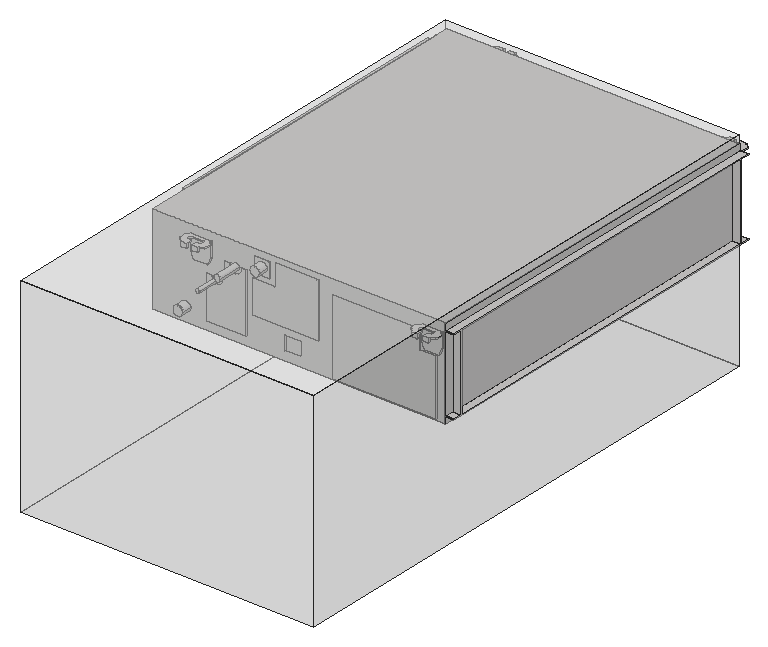
Revit family "outputfile", category 機械設備, Revit 2024
Family settings
  丸型コネクタ寸法 = 半径を使用
  パーツ タイプ = 標準
  OmniClass 番号 = 23.75.10.24.21.27.27
  OmniClass タイトル = Split System Air Conditioning Units
  作業面ベース = いいえ
  常に垂直 = はい
  ロード時にボイドで切り取り = いいえ
  注釈の向きを維持 = いいえ
  共有 = いいえ
  部屋計算ポイント = はい
Parameters (values of type "FBA18BV2S")
  Description = ""
  製造元 = "Daikin"
  書き出し IFC クラス(タイプ) = "IfcUnitaryEquipmentType"
  定義済み IFC タイプ(タイプ) = "AIRCONDITIONINGUNIT"
  Cost = 0
  モデル = "FBA18BV2S"
  Type Comments = ""
  Keynote = ""
  Type Image = (empty or 0)
  Assembly Code = ""
  switch_frequency = yes
  r_Liquid Pipe Size = Liquid Pipe Size / 2  # 4.75 mm
  r_Gas Pipe Size = Gas Pipe Size / 2  # 7.95 mm
  r_Drain Pipe Size = Drain Pipe Size / 2  # 12.5 mm
  lw_power = 770.0 mm  # constant formula
  lh_SA = 138.0 mm  # constant formula
  lw_SA = if(Depth = 550.0 mm, 225.0 mm, if(Depth = 700.0 mm, 300.0 mm, if(Depth = 1000.0 mm, 450.0 mm, if(Depth = 1400.0 mm, 650.0 mm, 725.0 mm))))  # 450.0 mm
  lw_RA = if(Depth = 550.0 mm, 275.0 mm, if(Depth = 700.0 mm, 349.0 mm, if(Depth = 1000.0 mm, 499.0 mm, if(Depth = 1400.0 mm, 699.0 mm, 775.0 mm))))  # 499.0 mm
  lh_power = 60.0 mm + [h***]  # 60.0 mm
  lh_mountinghole1 = lh_mountinghole + [h***]  # 222.0 mm
  lh_RA = 123.0 mm  # constant formula
  ld_power = Depth / 2  # 500.0 mm
  connector_voltage = Voltage_50Hz  # 220 V
  connector_powerinput = [Power Input (Cooling)]  # 1.250 kW
  connector_phase = Phase_50Hz  # 1
  Voltage_comment_50Hz = "220 - 240"
  Voltage_50Hz = 220 V
  URL = ""
  Supply Air Direction [instance] = yes
  Sound Power Level_H speed (dB) = 0
  Phase_50Hz = 1
  Minimum External Static Pressure = 50.00 Pa
  Minimum Circuit Amps_50Hz = 1.5 A
  Maximum Fuse Amps_50Hz = 16.0 A
  Maximum External Static Pressure = 150.00 Pa
  Material_Casing = DAIKIN_GalvanizedSteel_Casing_indoorunit
  lw_mountinghole = 630.0 mm  # constant formula
  lh_gaspipe = 183.0 mm + [h***]  # 183.0 mm
  lh_mountinghole = 222.0 mm  # constant formula
  lh_liquidpipe = 136.0 mm + [h***]  # 136.0 mm
  lh_drainpipe = 207.0 mm + [h***]  # 207.0 mm
  lh_antena = Height - lh_mountinghole + 1.0 mm  # 24.0 mm
  ld_drainpipe = Depth / 2 + 26.0 mm  # 526.0 mm
  ld_liquidpipe = Depth / 2 + 69.0 mm  # 569.0 mm
  ld_gaspipe = Depth / 2 + 65.0 mm  # 565.0 mm
  ld_mountinghole = Depth + 38.0 mm  # 1038.0 mm
  h*** = 0.0 mm  # constant formula
  lw_liquidpipe = 179.0 mm  # constant formula
  lw_gaspipe = 229.0 mm  # constant formula
  lw_drainpipe = 300.0 mm  # constant formula
  Width = 800.0 mm
  Version = "ver.1.0"
  Unit Type = "M.S.P. Duct"
  Unit Mass Weight = 37.00 kg
  Unit Designation [instance] = ""
  Uniclass2015Version = "Products v1.30"
  Uniclass2015Title = "Split coil room air conditioning units"
  Uniclass2015Code = "Pr_70_65_03_86"
  Total Cooling Capacity [instance] = 0.000 kW
  Sound Pressure Level_M speed (dBA) = 33
  Sound Pressure Level_L speed (dBA) = 31
  Sound Pressure Level_H speed (dBA) = 35
  Series = "SkyAir_Fan Coil Unit"
  Sensible Cooling Capacity [instance] = 0.000 kW
  SA Duct Size Width = 792.0 mm
  SA Duct Size Height = 176.0 mm
  Refrigerant Type = "R32"
  RA Duct Size Width = 952.0 mm
  RA Duct Size Height = 208.0 mm
  Power Input (Cooling) = 1.250 kW
  Option Accessory 3 [instance] = ""
  Option Accessory 2 [instance] = ""
  Option Accessory 1 [instance] = ""
  Nominal Cooling Capacity = 5.300 kW
  Minimum Airflow = 750.00 m³/h
  Median Airflow = 900.00 m³/h
  Maximum Airflow = 1080.00 m³/h
  Load Classification = HVAC
  Liquid Pipe Size = 9.5 mm
  Link_Nested Family [instance] = ""
  IfcVersion = ""
  IfcExportType = "AIRCONDITIONINGUNIT"
  IfcExportAs = "IfcUnitaryEquipmentType"
  Height = 245.0 mm
  Heat Exchanger Type = "Cross Fin Coil"
  Gas Pipe Size = 15.9 mm
  Frequency_50Hz = 50 Hz
  Fan Type = "Sirocco Fan"
  Fan Drive = "Direct Drive"
  FCU Tag No. [instance] = ""
  Drain Pipe Size = 25.0 mm
  Design Supply Airflow [instance] = 0.00 m³/h
  Design Return Airflow [instance] = 0.00 m³/h
  Design External Static Pressure [instance] = 0.00 Pa
  Depth = 1000.0 mm
  既定の高さ = 0.0 mm
  Cooling Entering Wet Bulb Temperature [instance] = 0.00 °C
  Cooling Entering Dry Bulb Temperature [instance] = 0.00 °C
  Cooling Ambient Wet Bulb Temperature [instance] = 0.00 °C
  Cooling Ambient Dry Bulb Temperature [instance] = 0.00 °C
  Clearance visibility [instance] = yes
  Clearance Top = 20.0 mm
  Clearance Right = 0.0 mm
  Clearance Rear = 0.0 mm
  Clearance Left = 0.0 mm
  Clearance Front = 450.0 mm
  Clearance Bottom = 300.0 mm
Reference planes
  plane 1 "Center (Front/Back)": y = 0
  plane 2 "h": z = 0
  plane 3 "Center (Left/Right)": x = 0
  plane 4 "Back": y = 500
  plane 5 "Front": y = -500
  plane 6 "Left": x = -400
  plane 7 "Right": x = 400
  plane 8 "Top": z = 0
  plane 9 "Bottom": z = -245
  plane 10: y = -215
  plane 11: y = 500
  plane 12: y = -950
  plane 13: x = -400
  plane 14: x = 400
  plane 15: z = 20
  plane 16: z = -545
  plane 17: x = -400
  plane 18: x = -399
  plane 19: x = 399
  plane 20: y = 50
  plane 21: y = -1
  plane 22: z = -122
  plane 23: y = -501
  plane 24: z = -109
  plane 25: x = -221
  plane 26: y = -565
  plane 27: z = -62
  plane 28: x = -171
  plane 29: y = -526
  plane 30: z = -38
  plane 31: x = -100
  plane 32: x = -100
  plane 33: x = -221
  plane 34: x = -171
  plane 35: x = 370
  plane 36: x = -266
  plane 37: x = 364
  plane 38: y = -519
  plane 39: y = 519
  plane 40: z = -23
  plane 41: z = -107
  plane 42: y = -569
  plane 43: z = -207
  plane 44: x = -309
  plane 45: y = -376
  plane 46: x = -251
  plane 47: x = -203
  plane 48: x = -144
  plane 49: z = -59
  plane 50: z = -106
  plane 51: z = -221
  plane 52: z = -109
  plane 53: x = -221
  plane 54: z = -62
  plane 55: x = -171
  plane 56: z = -17
  plane 57: z = -59
  plane 58: x = -121
  plane 59: x = -79
  plane 60: x = -125
  plane 61: x = -64
  plane 62: x = 53
  plane 63: z = -164
  plane 64: z = -73
  plane 65: z = -16
  plane 66: x = 93.5
  plane 67: x = 374.5
  plane 68: x = 330
  plane 69: z = -88.5
  plane 70: z = -38
  plane 71: z = -242.5
  plane 72: x = -38.5
  plane 73: x = 6.5
  plane 74: z = -181
  plane 75: z = -221
  plane 76: y = -499
  plane 77: x = -424
  plane 78: x = 424
Forms (mm)
  Extrusion 1, solid, material "DAIKIN_GalvanizedSteel_Casing_indoorunit" <- "Material_Casing"
    sketch origin (0, 0, 0) x (1, 0, 0) y (0, 1, 0)
      loop
        line (-399, 500) -> (-399, -500) -> (399, -500) -> (399, 500) -> (-399, 500)
    from -245 to 0
  Extrusion 2, solid, material "DAIKIN_GalvanizedSteel_Casing_indoorunit" <- "Material_Casing"
    sketch origin (0, 0, 0) x (1, 0, 0) y (0, 0, 1)
      loop
        line (-251, -221) -> (-144, -221) -> (-144, -59) -> (-154.47, -59)
        arc (-154.47, -59) -> (-171, -78.8) -> (-187.53, -59) r 16.8
        line (-187.53, -59) -> (-203, -59) -> (-203, -106) -> (-206.916, -106)
        arc (-206.916, -106) -> (-221, -123.4) -> (-235.084, -106) r 14.4
        line (-235.084, -106) -> (-251, -106) -> (-251, -221)
    from 500 to 501
  Extrusion 3, solid, material "DAIKIN_GalvanizedSteel_Casing_indoorunit" <- "Material_Casing"
    sketch origin (0, 0, 0) x (1, 0, 0) y (0, 0, 1)
      loop
        line (-121, -17) -> (-121, -59) -> (-79, -59) -> (-79, -17) -> (-121, -17)
      loop
        line (-125, -73) -> (-125, -164) -> (53, -164) -> (53, -16) -> (-64, -16) -> (-64, -73) -> (-125, -73)
    from 500 to 501
  Extrusion 4, solid, material "DAIKIN_GalvanizedSteel_Casing_indoorunit" <- "Material_Casing"
    sketch origin (0, 0, 0) x (1, 0, 0) y (0, 0, 1)
      loop
        line (93.5, -38) -> (93.5, -242.5) -> (374.5, -242.5) -> (374.5, -88.5) -> (330, -88.5) -> (330, -38) -> (93.5, -38)
    from 500 to 501
  Extrusion 5, solid, material "DAIKIN_GalvanizedSteel_Casing_indoorunit" <- "Material_Casing"
    sketch origin (0, 0, 0) x (1, 0, 0) y (0, 0, 1)
      loop
        circle (-221, -109) r 4.75
    from 500 to 569
  Extrusion 6, solid, material "DAIKIN_GalvanizedSteel_Casing_indoorunit" <- "Material_Casing"
    sketch origin (0, 0, 0) x (1, 0, 0) y (0, 0, 1)
      loop
        circle (-171, -62) r 7.95
    from 500 to 565
  Extrusion 7, solid, material "DAIKIN_GalvanizedSteel_Casing_indoorunit" <- "Material_Casing"
    sketch origin (0, 0, 0) x (1, 0, 0) y (0, 0, 1)
      loop
        circle (-100, -38) r 12.5
    from 501 to 526
  Extrusion 8, solid, material "DAIKIN_GalvanizedSteel_Casing_indoorunit" <- "Material_Casing"
    sketch origin (0, 0, 0) x (1, 0, 0) y (0, 0, 1)
      loop
        circle (-309, -207) r 13
    from 500 to 526
  Extrusion 9, void
    sketch origin (0, 0, 0) x (1, 0, 0) y (0, 0, 1)
      loop
        line (-38.5, -181) -> (-38.5, -221) -> (6.5, -221) -> (6.5, -181) -> (-38.5, -181)
    from 499 to 500
Cuts and joins
  Extrusion 9 cuts Extrusion 1
Dimensions and locks
  "Height": plane 8 "Top" to plane 9 "Bottom"
  equal spacing: plane 4 "Back", plane 1 "Center (Front/Back)", plane 5 "Front"
  "Depth": plane 4 "Back" to plane 5 "Front"
  equal spacing: plane 6 "Left", plane 3 "Center (Left/Right)", plane 7 "Right"
  "Width": plane 6 "Left" to plane 7 "Right"
  "Clearance Left": plane 13 to plane 6 "Left"
  "Clearance Right": plane 7 "Right" to plane 14
  "Clearance Rear": plane 11 to plane 4 "Back"
  "Clearance Front": plane 5 "Front" to plane 12
  "Clearance Top": plane 15 to plane 8 "Top"
  "Clearance Bottom": plane 9 "Bottom" to plane 16
  locked: plane 17 to plane 18 at 1
  locked: plane 19 to plane 14 at 1
  "lw_SA": plane 11 to plane 20
  "lw_RA": plane 21 to plane 5 "Front"
  "lh_RA": plane 22 to plane 9 "Bottom"
  locked: plane 5 "Front" to plane 23 at 1
  "lw_liquidpipe": plane 25 to plane 6 "Left"
  "lh_liquidpipe": plane 24 to plane 9 "Bottom"
  "lh_gaspipe": plane 27 to plane 9 "Bottom"
  "lw_gaspipe": plane 28 to plane 6 "Left"
  "ld_gaspipe": plane 26 to plane 1 "Center (Front/Back)"
  "ld_drainpipe": plane 29 to plane 1 "Center (Front/Back)"
  "lh_drainpipe": plane 30 to plane 9 "Bottom"
  "lw_drainpipe": plane 31 to plane 6 "Left"
  "lw_drainpipe": plane 6 "Left" to plane 32
  "lw_liquidpipe": plane 6 "Left" to plane 33
  "lw_gaspipe": plane 6 "Left" to plane 34
  "lw_power": plane 6 "Left" to plane 35
  locked: plane 17 to plane 36 at 134
  "lw_mountinghole": plane 36 to plane 37
  equal spacing: plane 38, plane 1 "Center (Front/Back)", plane 39
  "ld_mountinghole": plane 39 to plane 38
  "lh_mountinghole": plane 40 to plane 9 "Bottom"
  "lh_SA": plane 41 to plane 9 "Bottom"
  locked: plane 44 to plane 6 "Left" at 91
  locked: plane 43 to plane 9 "Bottom" at 38
  plane 48 to plane 47 to plane 46 to plane 6 "Left" = 59.0 mm, 48.0 mm, 149.0 mm
  plane 8 "Top" to plane 49 to plane 50 to plane 51 = 59.0 mm locked, 47.0 mm locked, 115.0 mm locked
  plane 55 to plane 53 to plane 6 "Left" = 50.0 mm locked, 179.0 mm locked
  plane 54 to plane 52 to plane 9 "Bottom" = 47.0 mm locked, 136.0 mm locked
  plane 59 to plane 58 to plane 6 "Left" = 42.0 mm locked, 279.0 mm locked
  plane 8 "Top" to plane 56 to plane 57 = 17.0 mm locked, 42.0 mm locked
  plane 62 to plane 61 to plane 60 to plane 6 "Left" = 117.0 mm, 61.0 mm, 275.0 mm
  plane 8 "Top" to plane 65 to plane 64 = 16.0 mm locked, 57.0 mm locked
  locked: plane 65 to plane 63 at 148
  plane 8 "Top" to plane 70 to plane 69 to plane 71 = 38.0 mm locked, 50.5 mm locked, 154.0 mm locked
  plane 67 to plane 68 to plane 66 to plane 6 "Left" = 44.5 mm locked, 236.5 mm locked, 493.5 mm locked
  plane 8 "Top" to plane 74 to plane 75 = 181.0 mm locked, 40.0 mm locked
  plane 73 to plane 72 to plane 6 "Left" = 45.0 mm, 361.5 mm
  locked: plane 76 to plane 5 "Front" at 1
  locked: plane 77 to plane 17 at 24
  locked: plane 14 to plane 78 at 24
  "ld_liquidpipe": plane 42 to plane 1 "Center (Front/Back)"
  "r_Liquid Pipe Size": radius of Extrusion 5 sketch curve
  "r_Gas Pipe Size": radius of Extrusion 6 sketch curve
  "r_Drain Pipe Size": radius of Extrusion 7 sketch curve
  aligned and locked: level to plane 2 "h"
  aligned and locked: plane 8 "Top" to Extrusion 1
  aligned and locked: Extrusion 1 to plane 9 "Bottom"
  aligned and locked: nested 5 to plane 12
  aligned and locked: plane 13 to nested 5
  aligned and locked: plane 14 to nested 5
  aligned and locked: nested 5 to plane 13
  aligned and locked: plane 11 to nested 5
  aligned and locked: plane 15 to nested 5
  aligned and locked: plane 16 to nested 5
  aligned and locked: plane 5 "Front" to Extrusion 1 sketch curve
  aligned and locked: Extrusion 1 to plane 18
  aligned and locked: plane 19 to Extrusion 1
  aligned and locked: nested 7 to plane 18
  aligned and locked: nested 7 to plane 20
  aligned and locked: plane 19 to nested 8
  aligned and locked: plane 21 to nested 8
  aligned and locked: plane 22 to nested 8
  aligned and locked: Extrusion 2 to plane 23
  aligned and locked: plane 5 "Front" to Extrusion 2
  aligned and locked: Extrusion 3 to plane 23
  aligned and locked: plane 5 "Front" to Extrusion 3
  aligned and locked: plane 5 "Front" to Extrusion 4
  aligned and locked: Extrusion 5 sketch curve to plane 25
  aligned and locked: plane 24 to Extrusion 5 sketch curve
  aligned and locked: plane 5 "Front" to Extrusion 5
  aligned and locked: Extrusion 6 sketch curve to plane 28
  aligned and locked: plane 27 to Extrusion 6 sketch curve
  aligned and locked: plane 5 "Front" to Extrusion 6
  aligned and locked: Extrusion 7 sketch curve to plane 31
  aligned and locked: Extrusion 7 sketch curve to plane 30
  aligned and locked: Extrusion 7 to plane 29
  aligned and locked: plane 23 to Extrusion 7
  aligned and locked: nested 3 to plane 29
  aligned and locked: plane 32 to nested 3
  aligned and locked: nested 2 to plane 33
  aligned and locked: nested 1 to plane 34
  aligned and locked: Extrusion 6 to plane 26
  aligned and locked: nested 1 to plane 26
  aligned and locked: nested 6 to plane 5 "Front"
  aligned and locked: nested 6 to plane 35
  aligned and locked: plane 36 to nested 10
  aligned and locked: nested 10 to plane 5 "Front"
  aligned and locked: plane 37 to nested 9
  aligned and locked: nested 9 to plane 5 "Front"
  aligned and locked: nested 11 to plane 36
  aligned and locked: plane 4 "Back" to nested 11
  aligned and locked: nested 12 to plane 37
  aligned and locked: plane 4 "Back" to nested 12
  aligned and locked: plane 40 to nested 10
  aligned and locked: plane 40 to nested 11
  aligned and locked: plane 40 to nested 9
  aligned and locked: plane 40 to nested 12
  aligned and locked: plane 36 to nested 14
  aligned and locked: nested 14 to plane 39
  aligned and locked: plane 37 to nested 13
  aligned and locked: nested 13 to plane 39
  aligned and locked: plane 37 to nested 16
  aligned and locked: plane 38 to nested 16
  aligned and locked: plane 38 to nested 15
  aligned and locked: plane 36 to nested 15
  aligned and locked: plane 17 to plane 6 "Left"
  aligned and locked: plane 41 to nested 7
  aligned and locked: Extrusion 5 to plane 42
  aligned and locked: nested 2 to plane 42
  aligned and locked: Extrusion 8 sketch curve to plane 44
  aligned and locked: plane 43 to Extrusion 8 sketch curve
  aligned and locked: plane 5 "Front" to Extrusion 8
  aligned and locked: Extrusion 3 sketch curve to plane 56
  aligned and locked: Extrusion 3 sketch curve to plane 58
  aligned and locked: plane 57 to Extrusion 3 sketch curve
  aligned and locked: plane 59 to Extrusion 3 sketch curve
  aligned and locked: Extrusion 4 to plane 23
  aligned and locked: Extrusion 9 sketch curve to plane 74
  aligned and locked: plane 75 to Extrusion 9 sketch curve
  aligned and locked: plane 73 to Extrusion 9 sketch curve
  aligned and locked: plane 5 "Front" to Extrusion 9
  aligned and locked: plane 76 to Extrusion 9
  aligned and locked: nested 17 to plane 20
  aligned and locked: nested 17 to plane 77
  aligned and locked: plane 21 to nested 18
  aligned and locked: plane 78 to nested 18
  aligned and locked: plane 41 to nested 17
  aligned and locked: nested 18 to plane 22
  aligned and locked: nested 4 to plane 3 "Center (Left/Right)"
  aligned and locked: plane 1 "Center (Front/Back)" to nested 4
  aligned and locked: level to plane 8 "Top"
Automatic sketch dimensions
  plane 6 "Left" to Extrusion 1 sketch curve = 1.0 mm
  Extrusion 1 sketch curve to plane 7 "Right" = 1.0 mm
  Extrusion 1 sketch curve to plane 4 "Back" = 0.0 mm
  Extrusion 2 sketch curve to plane 46 = 0.0 mm
  Extrusion 2 sketch curve to plane 33 = 0.0 mm
  Extrusion 2 sketch curve to plane 47 = 0.0 mm
  Extrusion 2 sketch curve to plane 34 = 0.0 mm
  Extrusion 2 sketch curve to plane 48 = 0.0 mm
  Extrusion 2 sketch curve to plane 51 = 0.0 mm
  Extrusion 2 sketch curve to plane 52 = 0.0 mm
  Extrusion 2 sketch curve to plane 50 = 0.0 mm  (x3)
  Extrusion 2 sketch curve to plane 54 = 0.0 mm
  Extrusion 2 sketch curve to plane 49 = 0.0 mm  (x3)
  plane 33 to Extrusion 2 sketch curve = 14.084 mm
  plane 34 to Extrusion 2 sketch curve = 16.53 mm
  Extrusion 3 sketch curve to plane 60 = 0.0 mm
  Extrusion 3 sketch curve to plane 61 = 0.0 mm
  Extrusion 3 sketch curve to plane 62 = 0.0 mm
  Extrusion 3 sketch curve to plane 63 = 0.0 mm
  Extrusion 3 sketch curve to plane 64 = 0.0 mm
  Extrusion 3 sketch curve to plane 65 = 0.0 mm
  Extrusion 4 sketch curve to plane 66 = 0.0 mm
  Extrusion 4 sketch curve to plane 68 = 0.0 mm
  Extrusion 4 sketch curve to plane 67 = 0.0 mm
  Extrusion 4 sketch curve to plane 71 = 0.0 mm
  Extrusion 4 sketch curve to plane 69 = 0.0 mm
  Extrusion 4 sketch curve to plane 70 = 0.0 mm
  Extrusion 9 sketch curve to plane 72 = 0.0 mm
  radius of Extrusion 8 sketch curve = 13.0 mm
Nested families
  nested 1: "daikin_connector_rotate2" at (-171, 0, -62), length <- "ld_gaspipe", built-in parameter 1001364 <- "lh_gaspipe", radius <- "r_Gas Pipe Size", type "daikin_connector_rotate2"
    with radius 7.95 mm, length 565.0 mm, angle_vertical 90.00°
  nested 2: "daikin_connector_rotate2" at (-221, 0, -109), length <- "ld_liquidpipe", built-in parameter 1001364 <- "lh_liquidpipe", radius <- "r_Liquid Pipe Size", type "daikin_connector_rotate2"
    with radius 4.75 mm, length 569.0 mm, angle_vertical 90.00°
  nested 3: "daikin_connector_rotate2" at (-100, 0, -38), length <- "ld_drainpipe", built-in parameter 1001364 <- "lh_drainpipe", radius <- "r_Drain Pipe Size", type "daikin_connector_rotate2"
    with radius 12.5 mm, length 526.0 mm, angle_vertical 90.00°
  nested 4: "daikin_△_symbolicline" at (0, 0, 245) x (0, -1, 0) z (0, 0, 1), built-in parameter 1001364 <- "Height", visible <- "Supply Air Direction", type "daikin_△_symbolicline"
    with length 200.0 mm
  nested 5: "daikin_clearancespace" at (0, -225, -262.381), visible <- "Clearance visibility", show <- "Clearance visibility", Link_Nested Family <- "Link_Nested Family", type "daikin_clearancespace"
    with width 800.0 mm, show yes, height 565.0 mm, depth 1450.0 mm, Link_Nested Family ""
  nested 6: "daikin_connector_rotate2" at (370, 0, -185), built-in parameter 1001364 <- "lh_power", length <- "ld_power", type "daikin_connector_rotate2"
    with radius 10.0 mm, length 500.0 mm, angle_vertical 90.00°
  nested 7: "daikin_ductflange_FBA-BV2S2" at (-399, 50, -107) x (0, -1, 0) z (0, 0, 1), type "daikin_ductflange_FBA-BV2S2"
    with width 792.0 mm, w 1000.0 mm
  nested 8: "daikin_ductflange_FBA-BV2S" at (399, -1, -122) x (0, 1, 0) z (0, 0, 1), type "daikin_ductflange_FBA-BV2S"
    with width 952.0 mm, lw 25.0 mm, w 1000.0 mm
  nested 9: "daikin_hangerfixture_FBA-BV2S" at (364, -500, -23), type "daikin_hangerfixture_FBA-BV2S"
  nested 10: "daikin_hangerfixture_FBA-BV2S" at (-266, -500, -23), type "daikin_hangerfixture_FBA-BV2S"
  nested 11: "daikin_hangerfixture_FBA-BV2S" at (-266, 500, -23) x (-1, 0, 0) z (0, 0, 1), type "daikin_hangerfixture_FBA-BV2S"
  nested 12: "daikin_hangerfixture_FBA-BV2S" at (364, 500, -23) x (-1, 0, 0) z (0, 0, 1), type "daikin_hangerfixture_FBA-BV2S"
  nested 13: "daikin_mountinghole" at (364, 519, -245), h_mountinghole <- "lh_mountinghole1", l_antenna <- "lh_antena", Link_Nested Family <- "Link_Nested Family", type "daikin_mountinghole"
    with show yes, l_antenna 24.0 mm, h_mountinghole 222.0 mm, Link_Nested Family ""
  nested 14: "daikin_mountinghole" at (-266, 519, -245), h_mountinghole <- "lh_mountinghole1", l_antenna <- "lh_antena", Link_Nested Family <- "Link_Nested Family", type "daikin_mountinghole"
    with show yes, l_antenna 24.0 mm, h_mountinghole 222.0 mm, Link_Nested Family ""
  nested 15: "daikin_mountinghole" at (-266, -519, -245), h_mountinghole <- "lh_mountinghole1", l_antenna <- "lh_antena", Link_Nested Family <- "Link_Nested Family", type "daikin_mountinghole"
    with show yes, l_antenna 24.0 mm, h_mountinghole 222.0 mm, Link_Nested Family ""
  nested 16: "daikin_mountinghole" at (364, -519, -245), h_mountinghole <- "lh_mountinghole1", l_antenna <- "lh_antena", Link_Nested Family <- "Link_Nested Family", type "daikin_mountinghole"
    with show yes, l_antenna 24.0 mm, h_mountinghole 222.0 mm, Link_Nested Family ""
  nested 17: "daikin_connector_rotate2" at (-400, 50, -107) x (0, -1, 0) z (0, 0, 1), type "daikin_connector_rotate2"
    with radius 10.0 mm, length 24.0 mm, angle_vertical 90.00°
  nested 18: "daikin_connector_rotate2" at (400, -1, -122) x (0, 1, 0) z (0, 0, 1), type "daikin_connector_rotate2"
    with radius 10.0 mm, length 24.0 mm, angle_vertical 90.00°
Connectors
  piping at (-100, -526, -38), diameter 25, driven by "r_Drain Pipe Size"
    settings: on nested 3, index 3, connector inside diameter 609.6 mm, connector length 0.0 mm, flow factor 0, pipe flow 0.00 m³/h, pressure drop 0.0 Pa, fitting loss kfactor 0, connector angle 0.00°, fixture units 0, engagement length 0.0 mm, angle of deflection 0.00°, flow configuration 1, flow direction 2, fitting loss method 4, system type 16, joint type 0, gender type 0, connector reference index -1, connector utility 0, adjustable connector no, is connector primary yes, connector description "Condensate Drain Piping"
  piping at (-171, -565, -62), diameter 15.9, driven by "r_Gas Pipe Size"
    settings: on nested 1, index 4, connector inside diameter 609.6 mm, connector length 0.0 mm, flow factor 0, pipe flow 0.00 m³/h, pressure drop 0.0 Pa, fitting loss kfactor 0, connector angle 0.00°, fixture units 0, engagement length 0.0 mm, angle of deflection 0.00°, flow configuration 1, flow direction 2, fitting loss method 0, system type 29, joint type 0, gender type 0, connector reference index -1, connector utility 0, adjustable connector no, is connector primary no, connector description "Refrigerant Gas Piping"
  piping at (-221, -569, -109), diameter 9.5, driven by "r_Liquid Pipe Size"
    settings: on nested 2, index 5, connector inside diameter 609.6 mm, connector length 0.0 mm, flow factor 0, pipe flow 0.00 m³/h, pressure drop 0.0 Pa, fitting loss kfactor 0, connector angle 0.00°, fixture units 0, engagement length 0.0 mm, angle of deflection 0.00°, flow configuration 1, flow direction 1, fitting loss method 0, system type 29, joint type 0, gender type 0, connector reference index -1, connector utility 0, adjustable connector no, is connector primary no, connector description "Refrigerant Liquid Piping"
  electrical at (370, -500, -185), driven by "Load Classification", driven by "connector_voltage", driven by "connector_phase", driven by "connector_powerinput"
    settings: on nested 6, index 6, voltage 220 V, apparent load 1250 VA, apparent load phase1 0 VA, apparent load phase2 0 VA, apparent load phase3 0 VA, power factor 1, load classification "HVAC", number of poles 1, system type 30, power factor state 1, is connector primary yes, connector utility no, sub classification motor no, connector description "Power Supply"
  hvac at (-424, 50, -107), driven by "SA Duct Size Height", driven by "SA Duct Size Width"
    settings: on nested 17, index 7, duct flow 0.00 m³/h, flow factor 0, pres drop 0.00 Pa, loss coef 0, conn angle 0.00°, conn width 792.0 mm, conn height 176.0 mm, conn diameter 609.6 mm, duct sys type 1, conn prof type 1, flow config 0, flow direction 2, loss method 4, conn ref index -1, conn util no, is conn primary yes, conn desc "SA Duct"
  hvac at (424, -1, -122), driven by "RA Duct Size Height", driven by "RA Duct Size Width"
    settings: on nested 18, index 8, duct flow 0.00 m³/h, flow factor 0, pres drop 0.00 Pa, loss coef 0, conn angle 0.00°, conn width 952.0 mm, conn height 208.0 mm, conn diameter 609.6 mm, duct sys type 2, conn prof type 1, flow config 0, flow direction 1, loss method 4, conn ref index -1, conn util no, is conn primary no, conn desc "RA Duct"
Definition of nested family "daikin_clearancespace"
  Parameters (values of type "daikin_clearancespace")
    Description = "daikin_clearancespace"
    width [instance] = 1823.963 mm
    show [instance] = yes
    material = none
    height [instance] = 1359.762 mm
    depth [instance] = 880.0 mm
    Default Elevation = 0.0 mm
    Link_Nested Family [instance] = ""
  Reference planes
    plane 1 "Center (Front/Back)": y = 0
    plane 2 "Center (Elevation)": z = -0.119
    plane 3 "Center (Left/Right)": x = 0
    plane 4: y = 440
    plane 5: y = -440
    plane 6 "Right": x = 911.982
    plane 7 "Left": x = -911.982
    plane 8 "Top": z = 679.762
    plane 9 "Bottom": z = -680
  Forms (mm)
    Extrusion 1, solid, material <- "material", visible <- "show"
      sketch origin (0, 0, 0) x (1, 0, 0) y (0, 1, 0)
        loop
          line (-911.982, 440) -> (-911.982, -440) -> (911.982, -440) -> (911.982, 440) -> (-911.982, 440)
      from -680 to 679.762
  Lines and regions (mm)
    symbolic lines, visible <- "show"
      curve 1: line (911.982, 440, 0) -> (-911.982, 440, 0)
      curve 2: line (-911.982, 440, 0) -> (-911.982, -440, 0)
      curve 3: line (-911.982, -440, 0) -> (911.982, -440, 0)
      curve 4: line (911.982, -440, 0) -> (911.982, 440, 0)
      curve 5: line (911.982, 0, 679.762) -> (-911.982, 0, 679.762)
      curve 6: line (911.982, 0, -680) -> (911.982, 0, 679.762)
      curve 7: line (-911.982, 0, -680) -> (911.982, 0, -680)
      curve 8: line (-911.982, 0, 679.762) -> (-911.982, 0, -680)
      curve 9: line (0, 440, 679.762) -> (0, -440, 679.762)
      curve 10: line (0, -440, 679.762) -> (0, -440, -680)
      curve 11: line (0, 440, -680) -> (0, 440, 679.762)
      curve 12: line (0, -440, -680) -> (0, 440, -680)
  Dimensions and locks
    "width": plane 7 "Left" to plane 6 "Right"
    "depth": plane 4 to plane 5
    "height": plane 8 "Top" to plane 9 "Bottom"
    equal spacing: plane 7 "Left", plane 3 "Center (Left/Right)", plane 6 "Right"
    equal spacing: plane 4, plane 1 "Center (Front/Back)", plane 5
    equal spacing: plane 8 "Top", plane 2 "Center (Elevation)", plane 9 "Bottom"
    aligned and locked: level to plane 2 "Center (Elevation)"
    aligned and locked: Extrusion 1 sketch curve to plane 4
    aligned and locked: plane 7 "Left" to Extrusion 1 sketch curve
    aligned and locked: Extrusion 1 sketch curve to plane 5
    aligned and locked: Extrusion 1 sketch curve to plane 6 "Right"
    aligned and locked: plane 8 "Top" to Extrusion 1
    aligned and locked: curve 1 to Extrusion 1
    aligned and locked: curve 2 to Extrusion 1
    aligned and locked: curve 3 to Extrusion 1
    aligned and locked: curve 4 to Extrusion 1
    aligned and locked: curve 5 to Extrusion 1
    aligned and locked: curve 6 to Extrusion 1
    aligned and locked: curve 7 to Extrusion 1
    aligned and locked: curve 8 to Extrusion 1
    aligned and locked: curve 9 to Extrusion 1
    aligned and locked: curve 10 to Extrusion 1
    aligned and locked: curve 11 to Extrusion 1
    aligned and locked: curve 12 to Extrusion 1
    aligned and locked: Extrusion 1 to plane 9 "Bottom"
Definition of nested family "daikin_ductflange_FBA-BV2S2"
  Parameters (values of type "daikin_ductflange_FBFC-DVMG2")
    width = if(w = 550.0 mm, 337.0 mm, if(w = 700.0 mm, 492.0 mm, if(w = 1000.0 mm, 792.0 mm, if(w = 1400.0 mm, 1192.0 mm, 1337.0 mm))))  # 1192.0 mm
    material = none
    height = 215.0 mm
    depth = 1.0 mm
    w = 1400.0 mm
    Default Elevation = 0.0 mm
  Reference planes
    plane 1 "Center (Front/Back)": y = 0
    plane 2: z = 0
    plane 3 "Center (Left/Right)": x = 0
    plane 4: z = 88
    plane 5: z = -88
    plane 6: y = -25
    plane 7: z = 106
    plane 8: z = 89
    plane 9: y = -1
    plane 10: x = -617.5
    plane 11: x = 617.5
    plane 12: z = -106
    plane 13: z = -89
    plane 14: y = -1
    plane 15: x = 596
    plane 16: x = -596
    plane 17: x = 597
    plane 18: z = 87
    plane 19: z = -87
    plane 20: x = -597
    plane 21: z = 87
    plane 22: z = -87
    plane 23: y = -1
  Forms (mm)
    Extrusion 1, solid, material <- "material"
      sketch origin (0, 0, 0) x (0, 1, 0) y (0, 0, 1)
        loop
          line (-25, 88) -> (0, 88) -> (0, 106) -> (-1, 106) -> (-1, 89) -> (-25, 89) -> (-25, 88)
      from -617.5 to 617.5
    Extrusion 2, solid, material <- "material"
      sketch origin (0, 0, 0) x (0, 1, 0) y (0, 0, 1)
        loop
          line (-25, -88) -> (-25, -89) -> (-1, -89) -> (-1, -106) -> (0, -106) -> (0, -88) -> (-25, -88)
      from -617.5 to 617.5
    Extrusion 3, solid, material <- "material"
      sketch origin (0, 0, 0) x (1, 0, 0) y (0, 0, 1)
        loop
          line (596, 88) -> (596, -88) -> (617.5, -88) -> (617.5, -87) -> (597, -87) -> (597, 87) -> (617.5, 87) -> (617.5, 88) -> (596, 88)
      from 0 to 25
    Extrusion 4, solid, material <- "material"
      sketch origin (0, 0, 0) x (1, 0, 0) y (0, 0, 1)
        loop
          line (-617.5, 88) -> (-617.5, 87) -> (-597, 87) -> (-597, -87) -> (-617.5, -87) -> (-617.5, -88) -> (-596, -88) -> (-596, 88) -> (-617.5, 88)
      from 0 to 25
    Extrusion 5, solid, material <- "material"
      sketch origin (0, 0, 0) x (1, 0, 0) y (0, 0, 1)
        loop
          line (-617.5, 88) -> (-617.5, -88) -> (-596, -88) -> (-596, 88) -> (-617.5, 88)
        loop
          line (617.5, 88) -> (596, 88) -> (596, -88) -> (617.5, -88) -> (617.5, 88)
      from 0 to 1
  Cuts and joins
    joined: Extrusion 1, Extrusion 2, Extrusion 3, Extrusion 4, Extrusion 5
  Dimensions and locks
    plane 4 to level to plane 5 = 88.0 mm, 88.0 mm
    locked: plane 6 to plane 1 "Center (Front/Back)" at 25
    locked: plane 9 to plane 1 "Center (Front/Back)" at 1
    locked: plane 8 to plane 4 at 1
    locked: plane 16 to plane 10 at 21.5
    locked: plane 17 to plane 15 at 1
    locked: plane 4 to plane 18 at 1
    locked: plane 19 to plane 5 at 1
    "width": plane 15 to plane 16
    plane 4 to plane 5 = 176.0 mm
    locked: plane 16 to plane 20 at 1
    locked: plane 4 to plane 21 at 1
    locked: plane 22 to plane 5 at 1
    locked: plane 23 to plane 1 "Center (Front/Back)" at 1
    plane 4 to level to plane 5 = 88.0 mm locked, 88.0 mm locked
    locked: plane 5 to plane 13 at 1
    locked: plane 5 to plane 12 at 18
    locked: plane 7 to plane 4 at 18
    equal spacing: plane 15, plane 3 "Center (Left/Right)", plane 16
    locked: plane 11 to plane 15 at 21.5
    plane 11 to plane 10 = 1235.0 mm
    aligned and locked: level to plane 2
    aligned and locked: Extrusion 1 to plane 10
    aligned and locked: plane 11 to Extrusion 1
    aligned and locked: plane 5 to Extrusion 2
    aligned and locked: Extrusion 2 to plane 1 "Center (Front/Back)"
    aligned and locked: plane 15 to Extrusion 3 sketch curve
    aligned and locked: Extrusion 3 sketch curve to Extrusion 2  (x2)
    aligned and locked: Extrusion 3 sketch curve to plane 11
    aligned and locked: plane 6 to Extrusion 3
    aligned and locked: Extrusion 2 to plane 10
    aligned and locked: plane 11 to Extrusion 2
    aligned and locked: Extrusion 4 sketch curve to Extrusion 1  (x2)
    aligned and locked: plane 5 to Extrusion 4 sketch curve
    aligned and locked: Extrusion 4 sketch curve to plane 16
    aligned and locked: Extrusion 4 sketch curve to plane 22
    aligned and locked: plane 20 to Extrusion 4 sketch curve
    aligned and locked: plane 21 to Extrusion 4 sketch curve
    aligned and locked: Extrusion 4 to plane 1 "Center (Front/Back)"
    aligned and locked: plane 6 to Extrusion 4
    aligned and locked: Extrusion 5 sketch curve to Extrusion 1  (x4)
    aligned and locked: Extrusion 5 sketch curve to Extrusion 4  (x2)
    aligned and locked: Extrusion 5 sketch curve to Extrusion 3  (x2)
    aligned and locked: Extrusion 5 to plane 1 "Center (Front/Back)"
    aligned and locked: plane 23 to Extrusion 5
  Automatic sketch dimensions
    Extrusion 1 sketch curve to plane 6 = 0.0 mm
    Extrusion 1 sketch curve to plane 7 = 0.0 mm
    Extrusion 1 sketch curve to plane 9 = 0.0 mm
    Extrusion 1 sketch curve to plane 1 "Center (Front/Back)" = 0.0 mm
    Extrusion 1 sketch curve to plane 4 = 0.0 mm
    Extrusion 1 sketch curve to plane 8 = 0.0 mm
    Extrusion 2 sketch curve to plane 6 = 0.0 mm
    plane 12 to Extrusion 2 sketch curve = 0.0 mm
    Extrusion 2 sketch curve to plane 14 = 0.0 mm
    Extrusion 2 sketch curve to plane 1 "Center (Front/Back)" = 0.0 mm
    plane 13 to Extrusion 2 sketch curve = 0.0 mm
    Extrusion 2 sketch curve to plane 5 = 0.0 mm
    Extrusion 3 sketch curve to plane 17 = 0.0 mm
    Extrusion 3 sketch curve to plane 19 = 0.0 mm
    Extrusion 3 sketch curve to plane 18 = 0.0 mm
    Extrusion 3 sketch curve to plane 4 = 0.0 mm
    Extrusion 4 sketch curve to plane 10 = 0.0 mm
Definition of nested family "daikin_ductflange_FBA-BV2S"
  Parameters (values of type "daikin_ductflange_FBFC-DVMG")
    width = if(w = 550.0 mm, 502.0 mm, if(w = 700.0 mm, 654.0 mm, if(w = 1000.0 mm, 952.0 mm, if(w = 1400.0 mm, 1352.0 mm, 1502.0 mm))))  # 654.0 mm
    material = none
    lw = if(width = 654.0 mm, 23.0 mm, 25.0 mm)  # 23.0 mm
    height = 208.0 mm
    depth = 1.0 mm
    w = 700.0 mm
    Default Elevation = 0.0 mm
  Reference planes
    plane 1 "Center (Front/Back)": y = 0
    plane 2: z = 0
    plane 3 "Center (Left/Right)": x = 0
    plane 4: z = 104
    plane 5: z = -104
    plane 6: y = -25
    plane 7: z = 121
    plane 8: z = 105
    plane 9: y = -1
    plane 10: x = -350
    plane 11: x = 350
    plane 12: z = -122
    plane 13: z = -105
    plane 14: y = -1
    plane 15: x = 327
    plane 16: x = -327
    plane 17: x = 328
    plane 18: z = 103
    plane 19: z = -103
    plane 20: x = -328
    plane 21: z = 103
    plane 22: z = -103
    plane 23: y = -1
  Forms (mm)
    Extrusion 1, solid, material <- "material"
      sketch origin (0, 0, 0) x (0, 1, 0) y (0, 0, 1)
        loop
          line (-25, 104) -> (0, 104) -> (0, 121) -> (-1, 121) -> (-1, 105) -> (-25, 105) -> (-25, 104)
      from -350 to 350
    Extrusion 2, solid, material <- "material"
      sketch origin (0, 0, 0) x (0, 1, 0) y (0, 0, 1)
        loop
          line (-25, -104) -> (-25, -105) -> (-1, -105) -> (-1, -122) -> (0, -122) -> (0, -104) -> (-25, -104)
      from -350 to 350
    Extrusion 3, solid, material <- "material"
      sketch origin (0, 0, 0) x (1, 0, 0) y (0, 0, 1)
        loop
          line (327, 104) -> (327, -104) -> (350, -104) -> (350, -103) -> (328, -103) -> (328, 103) -> (350, 103) -> (350, 104) -> (327, 104)
      from 0 to 25
    Extrusion 4, solid, material <- "material"
      sketch origin (0, 0, 0) x (1, 0, 0) y (0, 0, 1)
        loop
          line (-350, 104) -> (-350, 103) -> (-328, 103) -> (-328, -103) -> (-350, -103) -> (-350, -104) -> (-327, -104) -> (-327, 104) -> (-350, 104)
      from 0 to 25
    Extrusion 5, solid, material <- "material"
      sketch origin (0, 0, 0) x (1, 0, 0) y (0, 0, 1)
        loop
          line (-350, 104) -> (-350, -104) -> (-327, -104) -> (-327, 104) -> (-350, 104)
        loop
          line (350, 104) -> (327, 104) -> (327, -104) -> (350, -104) -> (350, 104)
      from 0 to 1
  Cuts and joins
    joined: Extrusion 1, Extrusion 2, Extrusion 3, Extrusion 4, Extrusion 5
  Dimensions and locks
    plane 4 to level to plane 5 = 104.0 mm, 104.0 mm
    locked: plane 6 to plane 1 "Center (Front/Back)" at 25
    locked: plane 9 to plane 1 "Center (Front/Back)" at 1
    locked: plane 8 to plane 4 at 1
    "lw": plane 11 to plane 15
    "lw": plane 16 to plane 10
    locked: plane 17 to plane 15 at 1
    locked: plane 4 to plane 18 at 1
    locked: plane 19 to plane 5 at 1
    "width": plane 15 to plane 16
    equal spacing: plane 15, plane 3 "Center (Left/Right)", plane 16
    locked: plane 16 to plane 20 at 1
    locked: plane 4 to plane 21 at 1
    locked: plane 22 to plane 5 at 1
    locked: plane 23 to plane 1 "Center (Front/Back)" at 1
    locked: plane 7 to plane 4 at 17
    locked: plane 1 "Center (Front/Back)" to plane 14 at 1
    locked: plane 5 to plane 13 at 1
    "height": plane 4 to plane 5
    plane 11 to plane 10 = 700.0 mm
    locked: plane 12 to plane 13 at 17
    equal spacing: plane 4, level, plane 5
    aligned and locked: level to plane 2
    aligned and locked: Extrusion 1 to plane 10
    aligned and locked: plane 11 to Extrusion 1
    aligned and locked: plane 5 to Extrusion 2
    aligned and locked: Extrusion 2 to plane 1 "Center (Front/Back)"
    aligned and locked: plane 15 to Extrusion 3 sketch curve
    aligned and locked: Extrusion 3 sketch curve to Extrusion 2  (x2)
    aligned and locked: Extrusion 3 sketch curve to plane 11
    aligned and locked: plane 6 to Extrusion 3
    aligned and locked: Extrusion 2 to plane 10
    aligned and locked: plane 11 to Extrusion 2
    aligned and locked: Extrusion 4 sketch curve to Extrusion 1  (x2)
    aligned and locked: plane 5 to Extrusion 4 sketch curve
    aligned and locked: Extrusion 4 sketch curve to plane 16
    aligned and locked: Extrusion 4 sketch curve to plane 22
    aligned and locked: plane 20 to Extrusion 4 sketch curve
    aligned and locked: plane 21 to Extrusion 4 sketch curve
    aligned and locked: Extrusion 4 to plane 1 "Center (Front/Back)"
    aligned and locked: plane 6 to Extrusion 4
    aligned and locked: Extrusion 5 sketch curve to Extrusion 1  (x4)
    aligned and locked: Extrusion 5 sketch curve to Extrusion 4  (x2)
    aligned and locked: Extrusion 5 sketch curve to Extrusion 3  (x2)
    aligned and locked: Extrusion 5 to plane 1 "Center (Front/Back)"
    aligned and locked: plane 23 to Extrusion 5
  Automatic sketch dimensions
    Extrusion 1 sketch curve to plane 6 = 0.0 mm
    Extrusion 1 sketch curve to plane 7 = 0.0 mm
    Extrusion 1 sketch curve to plane 9 = 0.0 mm
    Extrusion 1 sketch curve to plane 1 "Center (Front/Back)" = 0.0 mm
    Extrusion 1 sketch curve to plane 4 = 0.0 mm
    Extrusion 1 sketch curve to plane 8 = 0.0 mm
    Extrusion 2 sketch curve to plane 6 = 0.0 mm
    plane 12 to Extrusion 2 sketch curve = 0.0 mm
    Extrusion 2 sketch curve to plane 14 = 0.0 mm
    Extrusion 2 sketch curve to plane 1 "Center (Front/Back)" = 0.0 mm
    plane 13 to Extrusion 2 sketch curve = 0.0 mm
    Extrusion 2 sketch curve to plane 5 = 0.0 mm
    Extrusion 3 sketch curve to plane 17 = 0.0 mm
    Extrusion 3 sketch curve to plane 19 = 0.0 mm
    Extrusion 3 sketch curve to plane 18 = 0.0 mm
    Extrusion 3 sketch curve to plane 4 = 0.0 mm
    Extrusion 4 sketch curve to plane 10 = 0.0 mm
Definition of nested family "daikin_hangerfixture_FBA-BV2S"
  Parameters (values of type "daikin_hangerfixture_FXMQ-PAVE")
    width = 72.0 mm
    material = none
    height = 60.0 mm
    depth = 41.0 mm
    Default Elevation = 0.0 mm
  Reference planes
    plane 1 "Center (Front/Back)": y = 0
    plane 2: z = 0
    plane 3 "Center (Left/Right)": x = 0
    plane 4: y = 417.146
    plane 5: y = -41
    plane 6: x = -36
    plane 7: x = 36
    plane 8: z = -2.3
    plane 9: z = -60
    plane 10: y = -2.3
    plane 11: z = -12
    plane 12: y = -38.7
  Forms (mm)
    Extrusion 1, solid, material <- "material"
      sketch origin (0, 0, 0) x (1, 0, 0) y (0, 1, 0)
        loop
          line (-28, 0) -> (-28, -5)
          arc (-28, -5) -> (-29.127, -8.162) -> (-32, -9.899) r 5
          arc (-32, -9.899) -> (-34.873, -11.636) -> (-36, -14.798) r 5
          line (-36, -14.798) -> (-36, -27.178)
          arc (-36, -27.178) -> (-35.429, -29.499) -> (-33.846, -31.289) r 5
          line (-33.846, -31.289) -> (-23, -38.798) -> (-23, -41.098) -> (-6.5, -41.098) -> (-6.5, -28.498)
          arc (-6.5, -28.498) -> (-7.379, -26.377) -> (-9.5, -25.498) r 3
          line (-9.5, -25.498) -> (-13.5, -25.498)
          arc (-13.5, -25.498) -> (-20, -18.998) -> (-13.5, -12.498) r 6.5
          line (-13.5, -12.498) -> (13.5, -12.498)
          arc (13.5, -12.498) -> (20, -18.998) -> (13.5, -25.498) r 6.5
          line (13.5, -25.498) -> (9.5, -25.498)
          arc (9.5, -25.498) -> (7.379, -26.377) -> (6.5, -28.498) r 3
          line (6.5, -28.498) -> (6.5, -41.098) -> (23, -41.098) -> (23, -38.798) -> (33.846, -31.289)
          arc (33.846, -31.289) -> (35.429, -29.499) -> (36, -27.178) r 5
          line (36, -27.178) -> (36, -14.596)
          arc (36, -14.596) -> (34.873, -11.434) -> (32, -9.697) r 5
          arc (32, -9.697) -> (29.127, -7.96) -> (28, -4.798) r 5
          line (28, -4.798) -> (28, 0) -> (-28, 0)
      from 0 to -2.3
    Extrusion 2, solid, material <- "material"
      sketch origin (0, 0, 0) x (1, 0, 0) y (0, 0, 1)
        loop
          line (28, -39.037) -> (28, 0) -> (-28, 0) -> (-28, -39.037)
          arc (-28, -39.037) -> (-27.91, -39.983) -> (-27.642, -40.894) r 5
          line (-27.642, -40.894) -> (-21.257, -56.857)
          arc (-21.257, -56.857) -> (-19.418, -59.14) -> (-16.615, -60) r 5
          line (-16.615, -60) -> (16.615, -60)
          arc (16.615, -60) -> (19.418, -59.14) -> (21.257, -56.857) r 5
          line (21.257, -56.857) -> (27.642, -40.894)
          arc (27.642, -40.894) -> (27.91, -39.983) -> (28, -39.037) r 5
      from 0 to 2.3
    Extrusion 3, solid, material <- "material"
      sketch origin (0, 0, 0) x (1, 0, 0) y (0, 0, 1)
        loop
          line (-23, 0) -> (-23, -9)
          arc (-23, -9) -> (-22.121, -11.121) -> (-20, -12) r 3
          line (-20, -12) -> (-9.5, -12)
          arc (-9.5, -12) -> (-7.379, -11.121) -> (-6.5, -9) r 3
          line (-6.5, -9) -> (-6.5, 0) -> (-23, 0)
        loop
          line (23, 0) -> (6.5, 0) -> (6.5, -9)
          arc (6.5, -9) -> (7.379, -11.121) -> (9.5, -12) r 3
          line (9.5, -12) -> (20, -12)
          arc (20, -12) -> (22.121, -11.121) -> (23, -9) r 3
          line (23, -9) -> (23, 0)
      from 38.8 to 41.098
  Cuts and joins
    joined: Extrusion 1, Extrusion 2, Extrusion 3
  Dimensions and locks
    plane 2 to plane 8 = 2.3 mm
    "height": plane 2 to plane 9
    locked: plane 10 to plane 1 "Center (Front/Back)" at 2.3
    locked: plane 2 to plane 11 at 12
    locked: plane 12 to plane 5 at 2.3
    aligned and locked: level to plane 2
    aligned and locked: Extrusion 1 to plane 8
    aligned and locked: plane 2 to Extrusion 1
    aligned and locked: plane 2 to Extrusion 2 sketch curve
    aligned and locked: Extrusion 2 to plane 10
    aligned and locked: Extrusion 2 to plane 1 "Center (Front/Back)"
    aligned and locked: Extrusion 3 sketch curve to cut or joined group of Extrusion 1, Extrusion 2, Extrusion 3  (x3)
    aligned and locked: cut or joined group of Extrusion 1, Extrusion 2, Extrusion 3 to Extrusion 3
  Automatic sketch dimensions
    Extrusion 2 sketch curve to plane 7 = 8.0 mm
    Extrusion 2 sketch curve to plane 8 = 36.737 mm
    plane 6 to Extrusion 2 sketch curve = 19.385 mm
    Extrusion 1 sketch curve to plane 6 = 0.0 mm
    plane 1 "Center (Front/Back)" to Extrusion 1 sketch curve = 0.0 mm
    Extrusion 1 sketch curve to plane 7 = 0.0 mm
    plane 6 to Extrusion 1 sketch curve = 2.154 mm
    plane 6 to Extrusion 1 sketch curve = 3.0 mm
    Extrusion 1 sketch curve to Extrusion 1 sketch curve = 5.0 mm  (x3)
    Extrusion 1 sketch curve to plane 12 = 0.098 mm  (x2)
    Extrusion 1 sketch curve to Extrusion 1 sketch curve = 4.0 mm  (x2)
    Extrusion 1 sketch curve to plane 5 = 0.098 mm  (x2)
    Extrusion 1 sketch curve to plane 3 "Center (Left/Right)" = 6.5 mm
    plane 3 "Center (Left/Right)" to Extrusion 1 sketch curve = 6.5 mm
    Extrusion 1 sketch curve to Extrusion 1 sketch curve = 3.0 mm
    Extrusion 1 sketch curve to plane 7 = 8.0 mm
    Extrusion 1 sketch curve to plane 7 = 5.0 mm
    Extrusion 1 sketch curve to plane 7 = 3.0 mm
    Extrusion 1 sketch curve to plane 7 = 2.154 mm
    plane 12 to Extrusion 1 sketch curve = 7.411 mm  (x2)
    plane 12 to Extrusion 1 sketch curve = 10.202 mm  (x2)
    Extrusion 1 sketch curve to Extrusion 1 sketch curve = 6.5 mm  (x2)
    Extrusion 1 sketch curve to Extrusion 1 sketch curve = 12.38 mm
    Extrusion 1 sketch curve to plane 10 = 12.296 mm
    Extrusion 1 sketch curve to plane 10 = 2.7 mm
    Extrusion 1 sketch curve to plane 10 = 2.498 mm
    plane 6 to Extrusion 1 sketch curve = 4.0 mm
    Extrusion 1 sketch curve to Extrusion 1 sketch curve = 0.0 mm  (x2)
    Extrusion 1 sketch curve to plane 7 = 4.0 mm
    Extrusion 1 sketch curve to Extrusion 1 sketch curve = 4.111 mm
    Extrusion 3 sketch curve to level = 0.0 mm  (x2)
    Extrusion 3 sketch curve to plane 11 = 0.0 mm  (x2)
    plane 11 to Extrusion 3 sketch curve = 3.0 mm  (x2)
    plane 3 "Center (Left/Right)" to Extrusion 3 sketch curve = 6.5 mm
    Extrusion 3 sketch curve to Extrusion 3 sketch curve = 3.0 mm  (x2)
    Extrusion 2 sketch curve to plane 9 = 0.0 mm
    Extrusion 2 sketch curve to Extrusion 2 sketch curve = 11.385 mm
    plane 6 to Extrusion 2 sketch curve = 8.0 mm
    plane 9 to Extrusion 2 sketch curve = 20.963 mm
    Extrusion 2 sketch curve to Extrusion 2 sketch curve = 5.0 mm  (x2)
    plane 9 to Extrusion 2 sketch curve = 3.143 mm  (x3)
    Extrusion 2 sketch curve to Extrusion 2 sketch curve = 4.642 mm  (x2)
    Extrusion 2 sketch curve to Extrusion 2 sketch curve = 0.0 mm  (x2)
    Extrusion 2 sketch curve to Extrusion 2 sketch curve = 0.358 mm
    Extrusion 2 sketch curve to Extrusion 2 sketch curve = 1.857 mm  (x2)
Definition of nested family "daikin_connector_rotate2"
  Parameters (values of type "daikin_connector_rotate2")
    Default Elevation = 1219.2 mm
    show_face = no
    radius [instance] = 10.0 mm
    length [instance] = 600.0 mm
    d_surface = 10.0 mm
    angle_vertical [instance] = 90.00°
  Reference planes
    plane 1 "Center (Front/Back)": y = 0
    plane 2: z = 0
    plane 3 "Center (Left/Right)": x = 0
  Forms (mm)
    Extrusion 1, solid, visible <- "show_face"
      sketch origin (0, -600, 0) x (1, 0, 0) y (0, 0, 1)
        loop
          circle (0, 0) r 10
      from 0 to -10
  Lines and regions (mm)
    reference lines
      curve 1: line (0, 0, 0) -> (0, -600, 0)
    symbolic lines
      curve 2: circle (0, 0, 0) r 5 normal (0, 0, 1)
    model lines, visible <- "show_face"
      curve 3: line (0, 0, 0) -> (0, -600, 0)
  Dimensions and locks
    "length": curve 1 to curve 1
    "length": curve 3 to curve 3
    "d_surface": Extrusion 1 to Extrusion 1
    "radius": radius of Extrusion 1 sketch curve
    "angle_vertical": angle curve 1 to plane 1 "Center (Front/Back)"
    "angle_vertical": angle curve 3 to plane 1 "Center (Front/Back)"
    aligned and locked: level to plane 2
    aligned and locked: plane 1 "Center (Front/Back)" to curve 1
    aligned and locked: plane 2 to curve 1
    aligned and locked: plane 1 "Center (Front/Back)" to curve 2
    aligned and locked: plane 3 "Center (Left/Right)" to curve 2
    aligned and locked: plane 1 "Center (Front/Back)" to curve 3
    aligned and locked: plane 2 to curve 3
    aligned and locked: Extrusion 1 to Extrusion 1
  Automatic sketch dimensions
    Extrusion 1 sketch curve to level = 0.0 mm
    Extrusion 1 sketch curve to plane 3 "Center (Left/Right)" = 0.0 mm
    radius of curve 2 = 5.0 mm
Definition of nested family "daikin_△_symbolicline"
  Parameters (values of type "daikin_△_symbolicline")
    length [instance] = 200.0 mm
    Default Elevation = 0.0 mm
  Reference planes
    plane 1 "Center (Front/Back)": y = 0
    plane 2: z = 0
    plane 3 "Center (Left/Right)": x = 0
  Lines and regions (mm)
    symbolic lines
      curve 1: line (0, -173.205, 0) -> (100, 0, 0)
      curve 2: line (100, 0, 0) -> (-100, 0, 0)
      curve 3: line (-100, 0, 0) -> (0, -173.205, 0)
  Dimensions and locks
    equal spacing: curve 3, plane 3 "Center (Left/Right)", curve 2
    "length": curve 3 to curve 2
    "length": curve 3 to curve 3
    "length": curve 1 to curve 1
    aligned and locked: level to plane 2
    aligned and locked: curve 2 to plane 1 "Center (Front/Back)"
    aligned and locked: plane 3 "Center (Left/Right)" to curve 3
Definition of nested family "daikin_mountinghole"
  Parameters (values of type "daikin_mountinghole")
    Default Elevation = 1219.2 mm
    Type Comments = "mountinghole"
    show [instance] = yes
    material = none
    l_centerline = 100.0 mm
    l_antenna [instance] = 100.0 mm
    h_mountinghole [instance] = 0.0 mm
    d_circle = 30.0 mm
    Link_Nested Family [instance] = ""
  Reference planes
    plane 1 "Center (Front/Back)": y = 0
    plane 2: z = 0
    plane 3 "Center (Left/Right)": x = 0
    plane 4: y = 50
    plane 5: x = -50
    plane 6: x = 50
    plane 7: y = -50
    plane 8 "h_mountinghole": z = 0
    plane 9: z = 100
  Lines and regions (mm)
    model lines, detail levels fine
      curve 1: circle (0, 0, 0) r 15 normal (0, 0, 1)
      curve 2: line (-50, 0, 0) -> (50, 0, 0)
      curve 3: line (0, 50, 0) -> (0, -50, 0)
    symbolic lines, detail levels fine
      curve 4: circle (0, 0, 0) r 15 normal (0, 0, 1)
      curve 5: line (-50, 0, 0) -> (50, 0, 0)
      curve 6: line (0, 50, 0) -> (0, -50, 0)
    model lines
      curve 7: line (0, 0, 100) -> (0, 0, 0)
  Dimensions and locks
    equal spacing: plane 4, plane 1 "Center (Front/Back)", plane 7
    "l_centerline": plane 4 to plane 7
    equal spacing: plane 5, plane 3 "Center (Left/Right)", plane 6
    "l_centerline": plane 5 to plane 6
    "l_antenna": plane 9 to plane 8 "h_mountinghole"
    "h_mountinghole": plane 8 "h_mountinghole" to plane 2
    "d_circle": diameter of curve 1
    "d_circle": diameter of curve 4
    aligned and locked: level to plane 2
    aligned and locked: plane 1 "Center (Front/Back)" to curve 1
    aligned and locked: plane 3 "Center (Left/Right)" to curve 1
    aligned and locked: plane 1 "Center (Front/Back)" to curve 2
    aligned and locked: curve 3 to plane 3 "Center (Left/Right)"
    aligned and locked: plane 6 to curve 2
    aligned and locked: plane 5 to curve 2
    aligned and locked: plane 4 to curve 3
    aligned and locked: plane 7 to curve 3
    aligned and locked: plane 1 "Center (Front/Back)" to curve 4
    aligned and locked: plane 3 "Center (Left/Right)" to curve 4
    aligned and locked: plane 6 to curve 5
    aligned and locked: plane 5 to curve 5
    aligned and locked: plane 1 "Center (Front/Back)" to curve 5
    aligned and locked: plane 4 to curve 6
    aligned and locked: plane 7 to curve 6
    aligned and locked: curve 6 to plane 3 "Center (Left/Right)"
    aligned and locked: curve 7 to plane 3 "Center (Left/Right)"
    aligned and locked: plane 9 to curve 7
    aligned and locked: plane 8 "h_mountinghole" to curve 7
